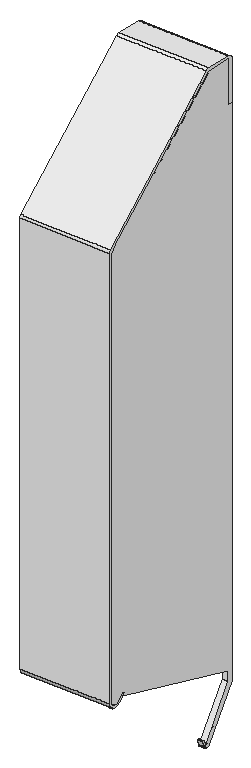
Revit family "9 Baseboard_HD-Series_End-Cap_SlantFin", category Mechanical Equipment, Revit 2013
Parameters (values of type "HD-1400")
  Water Flow = ""
  Warranty URL = "http://www.slantfin.com/"
  Unit = Aluminum Satin
  URL = "http://www.slantfin.com/"
  Technical Information = "http://www.slantfin.com/"
  Subcategory = "Baseboard Heater"  # constant formula
  Steam 1 PSI Btu/Hr./Foot = ""
  Specifications = "http://www.slantfin.com/"
  SmartBIM Object Version = 3  # constant formula
  Right End Cap [instance] = yes
  Rating Information URL = "http://www.slantfin.com/"
  Product URL = "http://www.slantfin.com"
  Product Sheet = "http://www.slantfin.com/"
  Product Selector = "http://www.slantfin.com/"
  Product Page URL = "http://www.slantfin.com/"
  Pressure Drop = ""
  Model = "HD-1400"
  Manufacturer Phone = "(516) 484-2600"  # constant formula
  Manufacturer Fax = "(516) 484-5921 "  # constant formula
  Manufacturer Email = "mailto:info@slantfin.com"
  Manufacturer Address = "100 Forest Drive, Greenvale, NY 11548"  # constant formula
  Manufacturer = "Slant/Fin Corporation"  # constant formula
  Right Length [instance] = if(Right End Cap, 0' 2", 0' 0")  # 0' - 2"
  Left Length [instance] = if(Left End Cap, 0' 2", 0' 0")  # 0' - 0"
  Left End Cap [instance] = not(Right End Cap)  # no
  Keynote = ""
  Installation URL = "http://www.slantfin.com/"
  Installation = "http://www.slantfin.com/"
  Height = 1' - 2"
  Element Type = ""
  Default Elevation = 4' - 0"
  Cost Info = "http://www.slantfin.com/representatives/"
  Color Availability = "9 Colors"  # constant formula
  Catalog Sheet URL = "http://www.slantfin.com/"
  Assembly Code = "D3060600"
  95 CSI = "15760"  # constant formula
  04 CSI = "23 82 36"  # constant formula
Types (3): name | Model | Height
  (no name) | "HD-1400" | 1' - 2"
  HD-850 | "HD-850" | 0' - 8 1/2"
  HD-1400 | "HD-1400" | 1' - 2"
Reference planes (in)
  plane 1 "Center (Front/Back)": y = 0
  plane 2: z = 0
  plane 3 "Center (Left/Right)": x = 0
  plane 4: x = 0.0625
  plane 5: x = 0.125
  plane 6: z = 14
  plane 7: x = -1.9375
  plane 8: x = 0.0625
Forms (in)
  Extrusion 1, solid, material "Aluminum Satin" <- "Unit"
    sketch origin (0, 0, 0) x (0, 1, 0) y (0, 0, 1)
      loop
        line (-3.08156, 2.1905) -> (-3.13259, 2.13947) -> (-0.096, 1.32582) -> (-0.096, 1.10454) -> (-0.7438, 0.06784) -> (-0.7814, 0.18356) -> (-0.81564, 0.17244) -> (-0.77457, 0.04604)
        arc (-0.77457, 0.04604) -> (-0.71882, 0) -> (-0.65355, 0.03111) r 0.06725
        line (-0.65355, 0.03111) -> (0, 1.07701) -> (0, 13) -> (-0.096, 13) -> (-0.096, 13.9375) -> (-0.66394, 13.9375) -> (-3.4375, 11.44018) -> (-3.4375, 2.14325)
        arc (-3.4375, 2.14325) -> (-3.38117, 2.05894) -> (-3.28173, 2.07872) r 0.09125
        line (-3.28173, 2.07872) -> (-3.15127, 2.20918) -> (-3.08156, 2.1905)
    from 0 to 0.125
  Extrusion 2, solid, material "Aluminum Satin" <- "Unit", visible <- "Left End Cap"
    sketch origin (0, 0, 0) x (0, 1, 0) y (0, 0, 1)
      loop
        arc (-3.5, 2.14325) -> (-3.40509, 2.0012) -> (-3.23753, 2.03453) r 0.15375
        line (-3.23753, 2.03453) -> (-3.08156, 2.1905) -> (-3.15127, 2.20918) -> (-3.28173, 2.07872)
        arc (-3.28173, 2.07872) -> (-3.38117, 2.05894) -> (-3.4375, 2.14325) r 0.09125
        line (-3.4375, 2.14325) -> (-3.4375, 11.44018) -> (-0.66394, 13.9375) -> (-0.096, 13.9375) -> (-0.096, 13) -> (0, 13) -> (0, 13.92432)
        arc (0, 13.92432) -> (-0.02215, 13.97779) -> (-0.07563, 14) r 0.07562
        line (-0.07563, 14) -> (-0.65297, 13.99994)
        arc (-0.65297, 13.99994) -> (-0.68567, 13.99388) -> (-0.71403, 13.9765) r 0.09125
        line (-0.71403, 13.9765) -> (-3.46981, 11.49519)
        arc (-3.46981, 11.49519) -> (-3.49211, 11.46449) -> (-3.5, 11.42738) r 0.09125
        line (-3.5, 11.42738) -> (-3.5, 2.14325)
    from 0 to 0.0625
  Extrusion 3, solid, material "Aluminum Satin" <- "Unit", visible <- "Right End Cap"
    sketch origin (0, 0, 0) x (0, 1, 0) y (0, 0, 1)
      loop
        line (-0.096, 13) -> (0, 13) -> (0, 13.92432)
        arc (0, 13.92432) -> (-0.02215, 13.97779) -> (-0.07563, 13.99994) r 0.07562
        line (-0.07563, 13.99994) -> (-0.65297, 13.99994)
        arc (-0.65297, 13.99994) -> (-0.68566, 13.99389) -> (-0.71402, 13.97652) r 0.09125
        line (-0.71402, 13.97652) -> (-3.46981, 11.49519)
        arc (-3.46981, 11.49519) -> (-3.49211, 11.46449) -> (-3.5, 11.42738) r 0.09125
        line (-3.5, 11.42738) -> (-3.5, 2.14325)
        arc (-3.5, 2.14325) -> (-3.40509, 2.0012) -> (-3.23753, 2.03453) r 0.15375
        line (-3.23753, 2.03453) -> (-3.08156, 2.1905) -> (-3.15127, 2.20918) -> (-3.28173, 2.07872)
        arc (-3.28173, 2.07872) -> (-3.38117, 2.05894) -> (-3.4375, 2.14325) r 0.09125
        line (-3.4375, 2.14325) -> (-3.4375, 11.44018) -> (-0.66394, 13.9375) -> (-0.096, 13.9375) -> (-0.096, 13)
    from -1.9375 to 0.125
Dimensions and locks (in)
  locked: plane 3 "Center (Left/Right)" to plane 5 at 0.125
  "Height": plane 6 to level
  locked: plane 6 to Extrusion 2 sketch curve at 0.0625
  plane 6 to Extrusion 2 sketch curve to Extrusion 2 sketch curve to Extrusion 2 sketch curve = 0' - 2.50481" locked, 0' - 0.05501" locked, 0' - 0.0128" locked
  equal spacing: plane 3 "Center (Left/Right)", plane 8, plane 5
  "Left Length": plane 8 to plane 4
  "Right Length": plane 7 to plane 8
  aligned and locked: Extrusion 1 to plane 5
  aligned and locked: Extrusion 1 to plane 3 "Center (Left/Right)"
  aligned: Extrusion 2 to plane 3 "Center (Left/Right)"
  aligned: Extrusion 2 to plane 4
  aligned and locked: plane 6 to Extrusion 2 sketch curve
  aligned and locked: Extrusion 3 sketch curve to Extrusion 2  (x13)
  aligned: Extrusion 3 to plane 7
  aligned: plane 3 "Center (Left/Right)" to Extrusion 3
  aligned: Extrusion 3 to Extrusion 1
  aligned and locked: Extrusion 3 to plane 5
  aligned and locked: Extrusion 2 to plane 3 "Center (Left/Right)"
  aligned and locked: Extrusion 2 to plane 4
  aligned and locked: Extrusion 3 to plane 7
Automatic sketch dimensions
  Extrusion 1 sketch curve to plane 1 "Center (Front/Back)" = 0' - 0"
  Extrusion 1 sketch curve to Extrusion 1 sketch curve = 0' - 0.096"
  plane 1 "Center (Front/Back)" to Extrusion 1 sketch curve = 0' - 0.096"
  level to Extrusion 1 sketch curve = 0' - 0.03111"
  plane 1 "Center (Front/Back)" to Extrusion 1 sketch curve = 0' - 0.65355"
  Extrusion 1 sketch curve to Extrusion 1 sketch curve = 0' - 0"  (x4)
  Extrusion 1 sketch curve to plane 6 = 0' - 0 1/16"
  Extrusion 1 sketch curve to Extrusion 1 sketch curve = 0' - 0.56794"
  Extrusion 1 sketch curve to Extrusion 1 sketch curve = 0' - 0.05703"
  level to Extrusion 1 sketch curve = 0' - 0.06784"
  Extrusion 1 sketch curve to Extrusion 1 sketch curve = 0' - 0.03322"
  level to Extrusion 1 sketch curve = 0' - 0.04604"
  Extrusion 1 sketch curve to Extrusion 1 sketch curve = 0' - 0.03077"
  level to Extrusion 1 sketch curve = 0' - 0.18356"
  Extrusion 1 sketch curve to Extrusion 1 sketch curve = 0' - 0.0376"
  level to Extrusion 1 sketch curve = 0' - 0.17244"
  Extrusion 1 sketch curve to Extrusion 1 sketch curve = 0' - 0.03424"
  Extrusion 1 sketch curve to Extrusion 1 sketch curve = 0' - 2.26592"
  Extrusion 1 sketch curve to Extrusion 1 sketch curve = 0' - 0.05103"  (x2)
  Extrusion 1 sketch curve to Extrusion 1 sketch curve = 0' - 0.06971"
  Extrusion 1 sketch curve to Extrusion 1 sketch curve = 0' - 0.14914"
  Extrusion 1 sketch curve to Extrusion 1 sketch curve = 0' - 0.06452"
  plane 1 "Center (Front/Back)" to Extrusion 1 sketch curve = 0' - 3 7/16"
  level to Extrusion 1 sketch curve = 0' - 1.07701"
  Extrusion 1 sketch curve to Extrusion 1 sketch curve = 0' - 0.02753"
  Extrusion 1 sketch curve to Extrusion 1 sketch curve = 0' - 0.22128"
  level to Extrusion 1 sketch curve = 0' - 2.07872"
  Extrusion 1 sketch curve to Extrusion 1 sketch curve = 0' - 0.06075"
  Extrusion 1 sketch curve to Extrusion 1 sketch curve = 0' - 0.01868"
  Extrusion 1 sketch curve to plane 6 = 0' - 2.55982"
  Extrusion 1 sketch curve to Extrusion 1 sketch curve = 0' - 0 15/16"
  Extrusion 2 sketch curve to Extrusion 2 sketch curve = 0' - 0"  (x9)
  Extrusion 2 sketch curve to plane 1 "Center (Front/Back)" = 0' - 0"
  plane 1 "Center (Front/Back)" to Extrusion 2 sketch curve = 0' - 0.07563"
  Extrusion 2 sketch curve to Extrusion 2 sketch curve = 0' - 0.07562"
  Extrusion 2 sketch curve to Extrusion 2 sketch curve = 0' - 0.096"
  Extrusion 2 sketch curve to plane 6 = 0' - 0.00006"
  Extrusion 2 sketch curve to Extrusion 2 sketch curve = 0' - 0.55697"
  Extrusion 2 sketch curve to Extrusion 2 sketch curve = 0' - 0.01097"
  Extrusion 2 sketch curve to plane 6 = 0' - 0.0235"  (x2)
  Extrusion 2 sketch curve to Extrusion 2 sketch curve = 0' - 0.05009"
  plane 1 "Center (Front/Back)" to Extrusion 2 sketch curve = 0' - 3.08156"
  Extrusion 2 sketch curve to Extrusion 2 sketch curve = 0' - 0.06971"
  Extrusion 2 sketch curve to Extrusion 2 sketch curve = 0' - 0.08626"
  Extrusion 2 sketch curve to Extrusion 2 sketch curve = 0' - 0.04419"
  Extrusion 2 sketch curve to Extrusion 2 sketch curve = 0' - 0.06452"
  plane 1 "Center (Front/Back)" to Extrusion 2 sketch curve = 0' - 3.40875"
  Extrusion 2 sketch curve to Extrusion 2 sketch curve = 0' - 0.02875"
  Extrusion 2 sketch curve to Extrusion 2 sketch curve = 0' - 0.03231"
  Extrusion 2 sketch curve to Extrusion 2 sketch curve = 0' - 0 1/16"
  level to Extrusion 2 sketch curve = 0' - 2.20918"
  Extrusion 2 sketch curve to Extrusion 2 sketch curve = 0' - 0.01868"
  Extrusion 2 sketch curve to Extrusion 2 sketch curve = 0' - 0.06593"
  Extrusion 2 sketch curve to Extrusion 2 sketch curve = 0' - 0 15/16"
  Extrusion 2 sketch curve to Extrusion 2 sketch curve = 0' - 0.01318"
  Extrusion 3 sketch curve to plane 6 = 0' - 0.02348"
  Extrusion 3 sketch curve to Extrusion 3 sketch curve = 0' - 0.03231"
